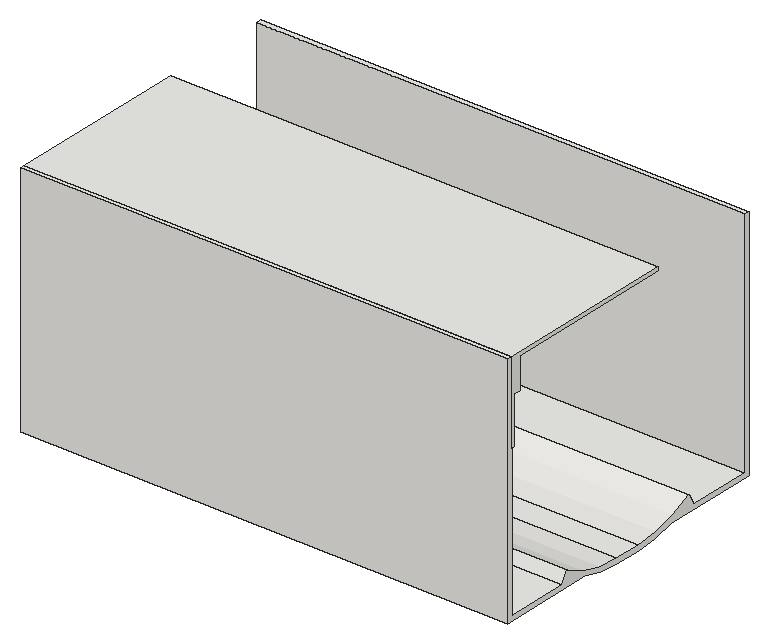
Revit family "Xtech_DécorSystems_CeilingRecess4", category Generic Models, Revit 2014 (continued)
Definition of nested family "Xtech_DécorSystems_VerticalDrylining"
  Forms (mm)
    Sweep 1, solid, material "Xtech_DécorSystems_AluminiumAlloy_White_RAL9016" <- "BodyMaterial", detail levels medium+fine
      path origin (-1000, 0, 0) x (1, 0, 0) y (0, 1, 0)
        loop
          line (1000, 0) -> (5000, 0)
      profile origin (2000, 0, 0) x (0, 1, 0) y (0, 0, 1)
        loop
          line (-19, 26.5) -> (-22, 26.5) -> (-22, 0) -> (0, 0) -> (0, 35.7) -> (-1.35, 35.7) -> (-1.35, 14.4) -> (-4.25, 14.4) -> (-4.25, 1.5) -> (-19, 1.5) -> (-19, 26.5)
    Extrusion 2, solid, material "Xtech_DécorSystems_AluminiumAlloy_White_RAL9016" <- "BodyMaterial", detail levels coarse
      sketch origin (0, 0, 0) x (0, 1, 0) y (0, 0, 1)
        loop
          line (-4.25, 26.517) -> (-22, 26.517) -> (-22, 0) -> (-2.8, 0) -> (-2.8, 35.7) -> (-4.25, 35.7) -> (-4.25, 26.517)
      from 0 to 4000
    Extrusion 3, void
      sketch origin (0, 0, 0) x (1, 0, 0) y (0, 1, 0)
        loop
          line (-50, 126.3) -> (-50, -22) -> (85.621, -22) -> (0, 126.3) -> (-50, 126.3)
      from 0 to 250
    Extrusion 4, void
      sketch origin (0, 0, 0) x (1, 0, 0) y (0, 1, 0)
        loop
          line (4000, 126.3) -> (3930.847, -22) -> (4050, -22) -> (4050, 126.3) -> (4000, 126.3)
      from 0 to 250
  Cuts and joins
    Extrusion 3, Extrusion 4 cuts Sweep 1
    Extrusion 3, Extrusion 4 cuts Extrusion 2
  Lines and regions (mm)
    Masking region 1, detail levels medium+fine
      outline origin (0, 0, 0) x (0, 1, 0) y (0, 0, 1)
        loop
          line (-19, 26.517) -> (-20.5, 26.517) -> (-20.5, 1.5) -> (-22, 1.5) -> (-22, 0) -> (0, 0) -> (0, 1.5) -> (-2.75, 1.5) -> (-2.75, 12.9) -> (-1.35, 12.9) -> (-1.35, 8.4) -> (-0.35, 8.4) -> (-0.35, 35.7) -> (-1.35, 35.7) -> (-1.35, 14.4) -> (-4.25, 14.4) -> (-4.25, 1.5) -> (-19, 1.5) -> (-19, 26.517)
    Masking region 2
      outline origin (0, 0, 0) x (1, 0, 0) y (0, 1, 0)
        loop
          line (72.919, 0) -> (85.621, -22) -> (3930.847, -22) -> (3941.105, 0) -> (72.919, 0)
    Masking region 3, detail levels coarse
      outline origin (0, 0, 0) x (0, 1, 0) y (0, 0, 1)
        loop
          line (-22, 26.517) -> (-22, 0) -> (-2.8, 0) -> (-2.8, 35.7) -> (-4.25, 35.7) -> (-4.25, 26.517) -> (-22, 26.517)
    reference lines
      curve 1: line (0, 126.3, 0) -> (227.5, -267.742, 0)
      curve 2: line (4000, 126.3, 0) -> (3856.31, -181.845, 0)
  Dimensions and locks
    "Length": plane 3 "Center (Left/Right)" to plane 4
    "Width": plane 1 "Center (Front/Back)" to plane 6
    "Height": plane 5 to plane 2
    locked: plane 7 to plane 3 "Center (Left/Right)" at 50
    locked: plane 4 to plane 8 at 50
    locked: plane 1 "Center (Front/Back)" to plane 9 at 126.3
    "LeftVoidAngle": angle plane 3 "Center (Left/Right)" to curve 1
    "RightVoidAngle": angle curve 2 to plane 4
    aligned and locked: level to plane 2
    aligned and locked: plane 1 "Center (Front/Back)" to Sweep 1 sketch curve
    aligned and locked: Sweep 1 sketch curve to plane 6
    aligned and locked: Sweep 1 sketch curve to profile plane
    aligned and locked: Sweep 1 sketch curve to plane 5
    aligned and locked: plane 4 to Extrusion 2
    aligned and locked: plane 4 to Sweep 1
    aligned and locked: plane 3 "Center (Left/Right)" to Sweep 1 sketch curve
    aligned and locked: Masking region 2 sketch curve to plane 6
    aligned and locked: plane 1 "Center (Front/Back)" to Masking region 2 sketch curve
    aligned and locked: Masking region 3 sketch curve to Extrusion 2  (x6)
    aligned and locked: curve 1 to Masking region 2 sketch curve
    aligned and locked: Extrusion 3 sketch curve to plane 7
    aligned and locked: Extrusion 3 sketch curve to plane 9
    aligned and locked: Extrusion 3 sketch curve to curve 1
    aligned and locked: Extrusion 3 sketch curve to plane 6
    aligned and locked: curve 2 to Masking region 2 sketch curve
    aligned and locked: Extrusion 4 sketch curve to curve 2
    aligned and locked: plane 9 to Extrusion 4 sketch curve
    aligned and locked: Extrusion 4 sketch curve to plane 8
    aligned and locked: plane 6 to Extrusion 4 sketch curve
  Automatic sketch dimensions
    Sweep 1 sketch curve to level = 0 mm
    Sweep 1 sketch curve to Sweep 1 sketch curve = 3 mm
    level to Sweep 1 sketch curve = 1.5 mm
    profile plane to Sweep 1 sketch curve = 1.35 mm
    Sweep 1 sketch curve to Sweep 1 sketch curve = 12.1 mm
    Masking region 1 sketch curve to plane 6 = 0 mm
    Masking region 1 sketch curve to plane 5 = 0 mm
    Masking region 1 sketch curve to plane 1 "Center (Front/Back)" = 0 mm
    Masking region 1 sketch curve to level = 0 mm
    Masking region 1 sketch curve to Masking region 1 sketch curve = 1.5 mm  (x4)
    level to Masking region 1 sketch curve = 1.5 mm  (x3)
    plane 1 "Center (Front/Back)" to Masking region 1 sketch curve = 4.25 mm
    plane 1 "Center (Front/Back)" to Masking region 1 sketch curve = 1.35 mm  (x2)
    plane 1 "Center (Front/Back)" to Masking region 1 sketch curve = 0.35 mm
    Masking region 1 sketch curve to Masking region 1 sketch curve = 6.9 mm
    Masking region 1 sketch curve to Masking region 1 sketch curve = 4.5 mm
    Masking region 1 sketch curve to plane 5 = 9.183 mm
    Extrusion 2 sketch curve to level = 0 mm
    plane 1 "Center (Front/Back)" to Extrusion 2 sketch curve = 4.25 mm
    Extrusion 2 sketch curve to plane 5 = 9.183 mm
    Extrusion 2 sketch curve to plane 6 = 0 mm
    plane 1 "Center (Front/Back)" to Extrusion 2 sketch curve = 2.8 mm
    Extrusion 2 sketch curve to plane 5 = 0 mm
    Sweep 1 sketch curve to plane 4 = 0 mm
    Sweep 1 sketch curve to Sweep 1 sketch curve = 2.9 mm
    Sweep 1 sketch curve to Sweep 1 sketch curve = 12.9 mm
    curve 1 to plane 3 "Center (Left/Right)" = 0 mm
    curve 2 to plane 4 = 0 mm
    plane 9 to curve 2 = 0 mm
    curve 1 to plane 9 = 0 mm
Definition of nested family "Xtech_DécorSystems_CurtainTrackAssembly"
  Parameters (values of type "CU")
    RightVoidAngle [instance] = 17.00°
    Length [instance] = 900 mm
    WarrantyStartDate [instance] = "1900-12-31T23:59:59"
    WarrantyGuarantorParts = "n/a"
    WarrantyGuarantorLabor = "n/a"
    WarrantyDurationUnit = "year"
    WarrantyDurationParts = "n/a"
    WarrantyDurationLabor = "n/a"
    WarrantyDescription = "n/a"
    Version = "1"
    VD [instance] = yes
    Uniclass2 = ""
    TagNumber [instance] = "n/a"
    SustainabilityPerformance = "n/a"
    Size = "n/a"
    Shape = "n/a"
    SerialNumber [instance] = "n/a"
    Revision = "n/a"
    ReplacementCost = "n/a"
    ProductInformation = ""
    PT [instance] = yes
    NominalWidth = 0 mm
    NominalLength = 2080 mm
    NominalHeight = 0 mm
    Name = ""
    NBSTypeID = ""
    NBSReference = ""
    NBSOfficeMasterTag = ""
    NBSNote = ""
    NBSDescription = ""
    NBSCertification = ""
    ModelReference = "n/a"
    ModelNumber = "n/a"
    Material = "n/a"
    ManufacturerURL = ""
    ManufacturerName = ""
    LeftVoidAngle [instance] = 25.00°
    InstallationDate [instance] = "1900-12-31T23:59:59"
    IfcExportType = ""
    IfcExportAs = ""
    HD [instance] = yes
    Grade = "n/a"
    Finish = "n/a"
    Features = "n/a"
    ExpectedLife = "n/a"
    DurationUnit = "year"
    Description = "NBS standard template for generic face-based components"
    Default Elevation = 1219.2 mm
    Constituents = "n/a"
    Color = "n/a"
    CodePerformance = "n/a"
    Category = "n/a"
    BodyMaterial = Xtech_DécorSystems_AluminiumAlloy_White_RAL9016
    BarCode [instance] = "n/a"
    BIMObjectName = "Role_Source_Type_GenericFaceBased"
    Author = ""
    AssetType = "Fixed"
    AssetIdentifier [instance] = "n/a"
    AccessibilityPerformance = "n/a"
  Reference planes
    plane 1 "Center (Front/Back)": y = 0
    plane 2: z = 0
    plane 3 "Center (Left/Right)": x = 0
    plane 4: x = 0
    plane 5: x = 900
    plane 6: y = -60
    plane 7: y = -62.75
    plane 8: y = 126.3
    plane 9: x = -50
  Forms (mm)
    Extrusion 1, solid
      sketch origin (0, 0, 0) x (1, 0, 0) y (0, 1, 0)
        loop
          line (-1219.2, 1219.2) -> (-1219.2, -1219.2) -> (1219.2, -1219.2) -> (1219.2, 1219.2) -> (-1219.2, 1219.2)
      from 0 to -304.8
  Dimensions and locks
    "Length": plane 4 to plane 5
    locked: plane 1 "Center (Front/Back)" to plane 8 at 126.3
    locked: plane 9 to plane 4 at 50
    plane 8 to plane 6 = 186.3 mm
    aligned and locked: plane 2 to Extrusion 1
    aligned and locked: level to Extrusion 1
    aligned and locked: plane 4 to nested 1
    aligned and locked: plane 1 "Center (Front/Back)" to nested 1
    aligned and locked: nested 2 to plane 4
    aligned and locked: nested 2 to nested 1
    aligned and locked: nested 3 to plane 4
    aligned and locked: nested 3 to nested 1
    aligned and locked: nested 4 to plane 4
    aligned and locked: nested 4 to nested 1
    aligned and locked: plane 3 "Center (Left/Right)" to plane 4
    aligned and locked: plane 5 to nested 1
    aligned and locked: nested 4 to plane 5
    aligned and locked: plane 5 to nested 3
    aligned and locked: plane 5 to nested 2
    aligned and locked: nested 1 to plane 3 "Center (Left/Right)"
    aligned and locked: nested 4 to plane 3 "Center (Left/Right)"
    aligned and locked: nested 3 to plane 3 "Center (Left/Right)"
    aligned and locked: nested 2 to plane 3 "Center (Left/Right)"
  Automatic sketch dimensions
    Extrusion 1 sketch curve to Extrusion 1 sketch curve = 2438.4 mm  (x2)
  Nested families
    nested 1: "Xtech_DécorSystems_CurtainTrack" at (0, 0, 0) x (1, 0, 0) z (0, 0, -1), Length <- "Length", RightVoidAngle <- "RightVoidAngle", LeftVoidAngle <- "LeftVoidAngle", type "CU"
      with WarrantyStartDate "1900-12-31T23:59:59", TagNumber "n/a", SerialNumber "n/a", Length 900 mm, InstallationDate "1900-12-31T23:59:59", BarCode "n/a", AssetIdentifier "n/a"
    nested 2: "Xtech_DécorSystems_VerticalDrylining" at (0, -60, 0) x (1, 0, 0) z (0, 0, -1), visible <- "VD", Length <- "Length", RightVoidAngle <- "RightVoidAngle", LeftVoidAngle <- "LeftVoidAngle", type "VD"
      with WarrantyStartDate "1900-12-31T23:59:59", TagNumber "n/a", SerialNumber "n/a", RightVoidAngle 17.00°, Length 900 mm, LeftVoidAngle 25.00°, InstallationDate "1900-12-31T23:59:59", BarCode "n/a", AssetIdentifier "n/a"
    nested 3: "Xtech_DécorSystems_HorizontalDrylining" at (0, -60, 0) x (1, 0, 0) z (0, 0, -1), visible <- "HD", Length <- "Length", RightVoidAngle <- "RightVoidAngle", LeftVoidAngle <- "LeftVoidAngle", type "HD"
      with WarrantyStartDate "1900-12-31T23:59:59", TagNumber "n/a", SerialNumber "n/a", RightVoidAngle 17.00°, Length 900 mm, LeftVoidAngle 25.00°, InstallationDate "1900-12-31T23:59:59", BarCode "n/a", AssetIdentifier "n/a"
    nested 4: "Xtech_DécorSystems_Plain" at (0, -60, 0) x (1, 0, 0) z (0, 0, -1), visible <- "PT", Length <- "Length", RightVoidAngle <- "RightVoidAngle", LeftVoidAngle <- "LeftVoidAngle", type "PT"
      with WarrantyStartDate "1900-12-31T23:59:59", TagNumber "n/a", SerialNumber "n/a", RightVoidAngle 17.00°, Length 900 mm, LeftVoidAngle 25.00°, InstallationDate "1900-12-31T23:59:59", BarCode "n/a", AssetIdentifier "n/a"
  Definition of nested family "Xtech_DécorSystems_CurtainTrack"
    Parameters (values of type "CU")
      Width = 60 mm  # constant formula
      WarrantyStartDate [instance] = "1900-12-31T23:59:59"
      WarrantyGuarantorParts = "n/a"
      WarrantyGuarantorLabor = "n/a"
      WarrantyDurationUnit = "year"
      WarrantyDurationParts = "n/a"
      WarrantyDurationLabor = "n/a"
      WarrantyDescription = "n/a"
      Version = "1"
      Uniclass2 = ""
      TagNumber [instance] = "n/a"
      SustainabilityPerformance = "n/a"
      Size = "n/a"
      Shape = "n/a"
      SerialNumber [instance] = "n/a"
      RightVoidAngle [instance] = 17.00°
      Revision = "n/a"
      ReplacementCost = "n/a"
      ProductInformation = ""
      NominalWidth = 0 mm
      NominalLength = 0 mm
      NominalHeight = 0 mm
      Name = ""
      NBSTypeID = ""
      NBSReference = ""
      NBSOfficeMasterTag = ""
      NBSNote = ""
      NBSDescription = ""
      NBSCertification = ""
      ModelReference = "n/a"
      ModelNumber = "n/a"
      Material = "n/a"
      ManufacturerURL = ""
      ManufacturerName = ""
      Length [instance] = 4000 mm
      LeftVoidAngle [instance] = 25.00°
      InstallationDate [instance] = "1900-12-31T23:59:59"
      IfcExportType = ""
      IfcExportAs = ""
      Height = 44 mm  # constant formula
      Grade = "n/a"
      Finish = "n/a"
      Features = "n/a"
      ExpectedLife = "n/a"
      DurationUnit = "year"
      Description = "NBS standard template"
      Constituents = "n/a"
      Color = "n/a"
      CodePerformance = "n/a"
      Category = "n/a"
      BodyMaterial = Xtech_DécorSystems_AluminiumAlloy_White_RAL9016
      BarCode [instance] = "n/a"
      BIMObjectName = "Role_Source_Type_Generic"
      Author = ""
      AssetType = ""
      AssetIdentifier [instance] = "n/a"
      AccessibilityPerformance = "n/a"
    Reference planes
      plane 1 "Center (Front/Back)": y = 0
      plane 2: z = 0
      plane 3 "Center (Left/Right)": x = 0
      plane 4: z = 44
      plane 5: x = 4000
      plane 6: y = -60
      plane 7: y = -62.75
      plane 8: y = 126.3
      plane 9: x = -50
      plane 10: x = 4050
    Forms (mm)
      Sweep 1, solid, material "Xtech_DécorSystems_AluminiumAlloy_White_RAL9016" <- "BodyMaterial", detail levels medium+fine
        path origin (0, 0, 0) x (1, 0, 0) y (0, 1, 0)
          loop
            line (0, 0) -> (4000, 0)
        profile origin (2000, 0, 0) x (0, 1, 0) y (0, 0, 1)
          loop
            line (-4.638, 39.089) -> (-58.363, 39.089) -> (-58.363, 1.637) -> (-41.312, 1.637) -> (-41.312, 19.643) -> (-21.668, 19.643) -> (-21.668, 1.637) -> (-4.638, 1.637) -> (-4.638, 15.715) -> (-1.582, 15.715) -> (-1.582, 29.377) -> (-4.638, 29.377) -> (-4.638, 39.089)
          loop
            line (-58.363, 40.726) -> (-58.363, 44) -> (-60, 44) -> (-60, 0) -> (-35.2, 0) -> (-35.2, 1.31) -> (-39.675, 1.31) -> (-39.675, 18.006) -> (-23.305, 18.006) -> (-23.305, 1.31) -> (-27.779, 1.31) -> (-27.779, 0) -> (0, 0) -> (0, 44) -> (-4.638, 44) -> (-4.638, 40.726) -> (-58.363, 40.726)
      Extrusion 2, solid, material "Xtech_DécorSystems_AluminiumAlloy_White_RAL9016" <- "BodyMaterial", detail levels coarse
        sketch origin (0, 0, 0) x (0, 1, 0) y (0, 0, 1)
          loop
            line (-58.363, 40.726) -> (-58.363, 44) -> (-62.75, 44) -> (-62.75, 0) -> (-35.2, 0) -> (-35.2, 1.31) -> (-39.675, 1.31) -> (-39.675, 18.006) -> (-23.305, 18.006) -> (-23.305, 1.31) -> (-27.779, 1.31) -> (-27.779, 0) -> (-2.8, 0) -> (-2.8, 44) -> (-4.638, 44) -> (-4.638, 40.726) -> (-58.363, 40.726)
        from 0 to 4000
      Extrusion 3, void
        sketch origin (0, 0, 0) x (1, 0, 0) y (0, 1, 0)
          loop
            line (-50, 126.3) -> (-50, -62.75) -> (88.155, -62.75) -> (0, 126.3) -> (-50, 126.3)
        from 0 to 250
      Extrusion 4, void
        sketch origin (0, 0, 0) x (1, 0, 0) y (0, 1, 0)
          loop
            line (4000, 126.3) -> (3942.202, -62.75) -> (4050, -62.75) -> (4050, 126.3) -> (4000, 126.3)
        from 0 to 250
    Cuts and joins
      Extrusion 3, Extrusion 4 cuts Sweep 1
      Extrusion 3, Extrusion 4 cuts Extrusion 2
    Lines and regions (mm)
      Masking region 1, detail levels medium+fine
        outline origin (0, 0, 0) x (0, 1, 0) y (0, 0, 1)
          loop
            line (-4.638, 39.089) -> (-58.363, 39.089) -> (-58.363, 1.637) -> (-41.312, 1.637) -> (-41.312, 19.643) -> (-21.668, 19.643) -> (-21.668, 1.637) -> (-4.638, 1.637) -> (-4.638, 15.715) -> (-1.582, 15.715) -> (-1.582, 29.377) -> (-4.638, 29.377) -> (-4.638, 39.089)
          loop
            line (-58.363, 40.726) -> (-58.363, 44) -> (-60, 44) -> (-60, 37.883) -> (-62.75, 37.883) -> (-62.75, 33.883) -> (-61.75, 33.883) -> (-61.75, 35.883) -> (-60, 35.883) -> (-60, 8.2) -> (-61.75, 8.2) -> (-61.75, 10.2) -> (-62.75, 10.2) -> (-62.75, 6.2) -> (-60, 6.2) -> (-60, 0) -> (-35.2, 0) -> (-35.2, 1.31) -> (-39.675, 1.31) -> (-39.675, 18.006) -> (-23.305, 18.006) -> (-23.305, 1.31) -> (-27.779, 1.31) -> (-27.779, 0) -> (0, 0) -> (0, 1.637) -> (-3.001, 1.637) -> (-3.001, 14.078) -> (-1.582, 14.078) -> (-1.582, 9.167) -> (-0.491, 9.167) -> (-0.491, 34.833) -> (-1.582, 34.833) -> (-1.582, 31.014) -> (-3.001, 31.014) -> (-3.001, 42.363) -> (0, 42.363) -> (0, 44) -> (-4.638, 44) -> (-4.638, 40.726) -> (-58.363, 40.726)
      Masking region 2, detail levels coarse
        outline origin (0, 0, 0) x (0, 1, 0) y (0, 0, 1)
          loop
            line (-2.8, 0) -> (-2.8, 44) -> (-62.75, 44) -> (-62.75, 0) -> (-2.8, 0)
      Masking region 3
        outline origin (0, 0, 0) x (1, 0, 0) y (0, 1, 0)
          loop
            line (86.873, -60) -> (3943.042, -60) -> (3961.386, 0) -> (58.895, 0) -> (86.873, -60)
      reference lines
        curve 1: line (4000, 126.3, 0) -> (3858.2, -337.508, 0)
        curve 2: line (0, 126.3, 0) -> (181.726, -263.412, 0)
    Dimensions and locks
      "Length": plane 3 "Center (Left/Right)" to plane 5
      "Height": plane 4 to plane 2
      "Width": plane 1 "Center (Front/Back)" to plane 6
      locked: plane 8 to plane 1 "Center (Front/Back)" at 126.3
      locked: plane 9 to plane 3 "Center (Left/Right)" at 50
      plane 5 to plane 10 = 50 mm
      "RightVoidAngle": angle curve 1 to plane 5
      "LeftVoidAngle": angle plane 3 "Center (Left/Right)" to curve 2
      aligned and locked: level to plane 2
      aligned and locked: plane 5 to Sweep 1 sketch curve
      aligned and locked: plane 3 "Center (Left/Right)" to Sweep 1 sketch curve
      aligned and locked: plane 4 to Sweep 1 sketch curve
      aligned and locked: Sweep 1 sketch curve to profile plane  (x2)
      aligned and locked: profile plane to Sweep 1 sketch curve
      aligned and locked: plane 5 to Extrusion 2
      aligned and locked: Masking region 3 sketch curve to plane 1 "Center (Front/Back)"
      aligned and locked: Masking region 3 sketch curve to plane 6
      aligned and locked: Extrusion 2 sketch curve to Masking region 2
      aligned and locked: curve 2 to Masking region 3 sketch curve
      aligned and locked: Extrusion 3 sketch curve to plane 9
      aligned and locked: Extrusion 3 sketch curve to plane 8
      aligned and locked: Extrusion 3 sketch curve to curve 2
      aligned and locked: Extrusion 3 sketch curve to plane 7
      aligned and locked: Extrusion 4 sketch curve to curve 1
      aligned and locked: Extrusion 4 sketch curve to plane 8
      aligned and locked: Extrusion 4 sketch curve to plane 10
      aligned and locked: Extrusion 4 sketch curve to plane 7
      aligned and locked: Masking region 3 sketch curve to curve 1
    Automatic sketch dimensions
      plane 1 "Center (Front/Back)" to Sweep 1 sketch curve = 0 mm
      plane 1 "Center (Front/Back)" to Masking region 2 sketch curve = 2.8 mm
      Masking region 2 sketch curve to plane 4 = 0 mm
      Extrusion 2 sketch curve to level = 0 mm  (x2)
      Extrusion 2 sketch curve to plane 4 = 0 mm  (x2)
      plane 1 "Center (Front/Back)" to Extrusion 2 sketch curve = 2.8 mm
      plane 6 to Extrusion 2 sketch curve = 1.637 mm
      level to Extrusion 2 sketch curve = 1.31 mm  (x2)
      plane 6 to Extrusion 2 sketch curve = 20.325 mm
      Extrusion 2 sketch curve to Extrusion 2 sketch curve = 4.474 mm
      Extrusion 2 sketch curve to Extrusion 2 sketch curve = 7.421 mm
      Extrusion 2 sketch curve to Extrusion 2 sketch curve = 16.369 mm
      plane 1 "Center (Front/Back)" to Extrusion 2 sketch curve = 4.638 mm
      Extrusion 2 sketch curve to Extrusion 2 sketch curve = 16.697 mm
      Extrusion 2 sketch curve to plane 4 = 3.274 mm
      Masking region 1 sketch curve to plane 4 = 0 mm  (x2)
      Masking region 1 sketch curve to level = 0 mm  (x2)
      Masking region 1 sketch curve to plane 1 "Center (Front/Back)" = 0 mm  (x2)
      Masking region 1 sketch curve to Masking region 1 sketch curve = 0 mm  (x3)
      Masking region 1 sketch curve to Masking region 1 sketch curve = 1.75 mm  (x2)
      Masking region 1 sketch curve to Masking region 1 sketch curve = 1 mm  (x2)
      plane 6 to Masking region 1 sketch curve = 1.637 mm  (x2)
      plane 6 to Masking region 1 sketch curve = 18.688 mm
      Masking region 1 sketch curve to Masking region 1 sketch curve = 1.637 mm  (x9)
      level to Masking region 1 sketch curve = 1.31 mm  (x2)
      Masking region 1 sketch curve to Masking region 1 sketch curve = 4.474 mm  (x2)
      Masking region 1 sketch curve to Masking region 1 sketch curve = 7.421 mm
      plane 1 "Center (Front/Back)" to Masking region 1 sketch curve = 4.638 mm  (x2)
      Masking region 1 sketch curve to Masking region 1 sketch curve = 1.419 mm
      plane 1 "Center (Front/Back)" to Masking region 1 sketch curve = 1.582 mm  (x2)
      plane 1 "Center (Front/Back)" to Masking region 1 sketch curve = 0.491 mm
      level to Masking region 1 sketch curve = 1.637 mm  (x2)
      level to Masking region 1 sketch curve = 6.2 mm
      Masking region 1 sketch curve to Masking region 1 sketch curve = 2 mm  (x3)
      Masking region 1 sketch curve to Masking region 1 sketch curve = 7.53 mm
      Masking region 1 sketch curve to Masking region 1 sketch curve = 4.911 mm
      Masking region 1 sketch curve to Masking region 1 sketch curve = 16.369 mm
      Masking region 1 sketch curve to Masking region 1 sketch curve = 13.662 mm
      Masking region 1 sketch curve to Masking region 1 sketch curve = 3.82 mm
      Masking region 1 sketch curve to plane 4 = 4.911 mm
      Masking region 1 sketch curve to plane 6 = 0 mm  (x2)
      Masking region 1 sketch curve to Masking region 1 sketch curve = 1.206 mm
      Masking region 1 sketch curve to Masking region 1 sketch curve = 4 mm
      profile plane to Sweep 1 sketch curve = 1.582 mm
      level to Sweep 1 sketch curve = 1.637 mm  (x2)
      Sweep 1 sketch curve to Sweep 1 sketch curve = 17.03 mm  (x2)
      Sweep 1 sketch curve to Sweep 1 sketch curve = 1.637 mm  (x5)
      level to Sweep 1 sketch curve = 1.31 mm  (x2)
      Sweep 1 sketch curve to Sweep 1 sketch curve = 4.474 mm
      Sweep 1 sketch curve to Sweep 1 sketch curve = 7.421 mm
      Sweep 1 sketch curve to Sweep 1 sketch curve = 16.369 mm  (x2)
      Sweep 1 sketch curve to Sweep 1 sketch curve = 17.051 mm
      Sweep 1 sketch curve to Sweep 1 sketch curve = 13.662 mm
      Sweep 1 sketch curve to Sweep 1 sketch curve = 4.911 mm
      Sweep 1 sketch curve to Sweep 1 sketch curve = 3.274 mm
      Sweep 1 sketch curve to Sweep 1 sketch curve = 0 mm
      profile plane to Sweep 1 sketch curve = 4.638 mm
      Sweep 1 sketch curve to Sweep 1 sketch curve = 4.638 mm
      Sweep 1 sketch curve to Sweep 1 sketch curve = 14.078 mm
      Masking region 2 sketch curve to plane 7 = 0 mm
      Masking region 2 sketch curve to level = 0 mm
      curve 2 to plane 3 "Center (Left/Right)" = 0 mm
      curve 1 to plane 5 = 0 mm
      plane 8 to curve 2 = 0 mm
      plane 8 to curve 1 = 0 mm
  Definition of nested family "Xtech_DécorSystems_VerticalDrylining"
    Parameters (values of type "VD")
      Width = 22 mm  # constant formula
      WarrantyStartDate [instance] = "1900-12-31T23:59:59"
      WarrantyGuarantorParts = "n/a"
      WarrantyGuarantorLabor = "n/a"
      WarrantyDurationUnit = "year"
      WarrantyDurationParts = "n/a"
      WarrantyDurationLabor = "n/a"
      WarrantyDescription = "n/a"
      Version = "1"
      Uniclass2 = ""
      TagNumber [instance] = "n/a"
      SustainabilityPerformance = "n/a"
      Size = "n/a"
      Shape = "n/a"
      SerialNumber [instance] = "n/a"
      RightVoidAngle [instance] = 25.00°
      Revision = "n/a"
      ReplacementCost = "n/a"
      ProductInformation = ""
      NominalWidth = 0 mm
      NominalLength = 0 mm
      NominalHeight = 0 mm
      Name = ""
      NBSTypeID = ""
      NBSReference = ""
      NBSOfficeMasterTag = ""
      NBSNote = ""
      NBSDescription = ""
      NBSCertification = ""
      ModelReference = "n/a"
      ModelNumber = "n/a"
      Material = "n/a"
      ManufacturerURL = ""
      ManufacturerName = ""
      Length [instance] = 4000 mm
      LeftVoidAngle [instance] = 30.00°
      InstallationDate [instance] = "1900-12-31T23:59:59"
      IfcExportType = ""
      IfcExportAs = ""
      Height = 35.7 mm  # constant formula
      Grade = "n/a"
      Finish = "n/a"
      Features = "n/a"
      ExpectedLife = "n/a"
      DurationUnit = "year"
      Description = "NBS standard template"
      Constituents = "n/a"
      Color = "n/a"
      CodePerformance = "n/a"
      Category = "n/a"
      BodyMaterial = Xtech_DécorSystems_AluminiumAlloy_White_RAL9016
      BarCode [instance] = "n/a"
      BIMObjectName = "Role_Source_Type_Generic"
      Author = ""
      AssetType = ""
      AssetIdentifier [instance] = "n/a"
      AccessibilityPerformance = "n/a"
    Reference planes
      plane 1 "Center (Front/Back)": y = 0
      plane 2: z = 0
      plane 3 "Center (Left/Right)": x = 0
      plane 4: x = 4000
      plane 5: z = 35.7
      plane 6: y = -22
      plane 7: x = -50
      plane 8: x = 4050
      plane 9: y = 186.3
    Forms (mm)
      Sweep 1, solid, material "Xtech_DécorSystems_AluminiumAlloy_White_RAL9016" <- "BodyMaterial", detail levels medium+fine
        path origin (-1000, 0, 0) x (1, 0, 0) y (0, 1, 0)
          loop
            line (1000, 0) -> (5000, 0)
        profile origin (2000, 0, 0) x (0, 1, 0) y (0, 0, 1)
          loop
            line (-19, 26.5) -> (-22, 26.5) -> (-22, 0) -> (0, 0) -> (0, 35.7) -> (-1.35, 35.7) -> (-1.35, 14.4) -> (-4.25, 14.4) -> (-4.25, 1.5) -> (-19, 1.5) -> (-19, 26.5)
      Extrusion 2, solid, material "Xtech_DécorSystems_AluminiumAlloy_White_RAL9016" <- "BodyMaterial", detail levels coarse
        sketch origin (0, 0, 0) x (0, 1, 0) y (0, 0, 1)
          loop
            line (-4.25, 26.517) -> (-22, 26.517) -> (-22, 0) -> (-2.8, 0) -> (-2.8, 35.7) -> (-4.25, 35.7) -> (-4.25, 26.517)
        from 0 to 4000
      Extrusion 3, void
        sketch origin (0, 0, 0) x (1, 0, 0) y (0, 1, 0)
          loop
            line (-50, 186.3) -> (-50, -22) -> (120.262, -22) -> (0, 186.3) -> (-50, 186.3)
        from 0 to 250
      Extrusion 4, void
        sketch origin (0, 0, 0) x (1, 0, 0) y (0, 1, 0)
          loop
            line (4000, 186.3) -> (3902.868, -22) -> (4050, -22) -> (4050, 186.3) -> (4000, 186.3)
        from 0 to 250
    Cuts and joins
      Extrusion 3, Extrusion 4 cuts Sweep 1
      Extrusion 3, Extrusion 4 cuts Extrusion 2
    Lines and regions (mm)
      Masking region 1, detail levels medium+fine
        outline origin (0, 0, 0) x (0, 1, 0) y (0, 0, 1)
          loop
            line (-19, 26.517) -> (-20.5, 26.517) -> (-20.5, 1.5) -> (-22, 1.5) -> (-22, 0) -> (0, 0) -> (0, 1.5) -> (-2.75, 1.5) -> (-2.75, 12.9) -> (-1.35, 12.9) -> (-1.35, 8.4) -> (-0.35, 8.4) -> (-0.35, 35.7) -> (-1.35, 35.7) -> (-1.35, 14.4) -> (-4.25, 14.4) -> (-4.25, 1.5) -> (-19, 1.5) -> (-19, 26.517)
      Masking region 2
        outline origin (0, 0, 0) x (1, 0, 0) y (0, 1, 0)
          loop
            line (107.56, 0) -> (120.262, -22) -> (3902.868, -22) -> (3913.127, 0) -> (107.56, 0)
      Masking region 3, detail levels coarse
        outline origin (0, 0, 0) x (0, 1, 0) y (0, 0, 1)
          loop
            line (-22, 26.517) -> (-22, 0) -> (-2.8, 0) -> (-2.8, 35.7) -> (-4.25, 35.7) -> (-4.25, 26.517) -> (-22, 26.517)
      reference lines
        curve 1: line (0, 186.3, 0) -> (227.5, -207.742, 0)
        curve 2: line (4000, 186.3, 0) -> (3856.31, -121.845, 0)
    Dimensions and locks
      "Length": plane 3 "Center (Left/Right)" to plane 4
      "Width": plane 1 "Center (Front/Back)" to plane 6
      "Height": plane 5 to plane 2
      locked: plane 7 to plane 3 "Center (Left/Right)" at 50
      locked: plane 4 to plane 8 at 50
      locked: plane 1 "Center (Front/Back)" to plane 9 at 186.3
      "LeftVoidAngle": angle plane 3 "Center (Left/Right)" to curve 1
      "RightVoidAngle": angle curve 2 to plane 4
      aligned and locked: level to plane 2
      aligned and locked: plane 1 "Center (Front/Back)" to Sweep 1 sketch curve
      aligned and locked: Sweep 1 sketch curve to plane 6
      aligned and locked: Sweep 1 sketch curve to profile plane
      aligned and locked: Sweep 1 sketch curve to plane 5
      aligned and locked: plane 4 to Extrusion 2
      aligned and locked: plane 4 to Sweep 1
      aligned and locked: plane 3 "Center (Left/Right)" to Sweep 1 sketch curve
      aligned and locked: Masking region 2 sketch curve to plane 6
      aligned and locked: plane 1 "Center (Front/Back)" to Masking region 2 sketch curve
      aligned and locked: Masking region 3 sketch curve to Extrusion 2  (x6)
      aligned and locked: curve 1 to Masking region 2 sketch curve
      aligned and locked: Extrusion 3 sketch curve to plane 7
      aligned and locked: Extrusion 3 sketch curve to plane 9
      aligned and locked: Extrusion 3 sketch curve to curve 1
      aligned and locked: Extrusion 3 sketch curve to plane 6
      aligned and locked: curve 2 to Masking region 2 sketch curve
      aligned and locked: Extrusion 4 sketch curve to curve 2
      aligned and locked: plane 9 to Extrusion 4 sketch curve
      aligned and locked: Extrusion 4 sketch curve to plane 8
      aligned and locked: plane 6 to Extrusion 4 sketch curve
    Automatic sketch dimensions
      Sweep 1 sketch curve to level = 0 mm
      Sweep 1 sketch curve to Sweep 1 sketch curve = 3 mm
      level to Sweep 1 sketch curve = 1.5 mm
      profile plane to Sweep 1 sketch curve = 1.35 mm
      Sweep 1 sketch curve to Sweep 1 sketch curve = 12.1 mm
      Masking region 1 sketch curve to plane 6 = 0 mm
      Masking region 1 sketch curve to plane 5 = 0 mm
      Masking region 1 sketch curve to plane 1 "Center (Front/Back)" = 0 mm
      Masking region 1 sketch curve to level = 0 mm
      Masking region 1 sketch curve to Masking region 1 sketch curve = 1.5 mm  (x4)
      level to Masking region 1 sketch curve = 1.5 mm  (x3)
      plane 1 "Center (Front/Back)" to Masking region 1 sketch curve = 4.25 mm
      plane 1 "Center (Front/Back)" to Masking region 1 sketch curve = 1.35 mm  (x2)
      plane 1 "Center (Front/Back)" to Masking region 1 sketch curve = 0.35 mm
      Masking region 1 sketch curve to Masking region 1 sketch curve = 6.9 mm
      Masking region 1 sketch curve to Masking region 1 sketch curve = 4.5 mm
      Masking region 1 sketch curve to plane 5 = 9.183 mm
      Extrusion 2 sketch curve to level = 0 mm
      plane 1 "Center (Front/Back)" to Extrusion 2 sketch curve = 4.25 mm
      Extrusion 2 sketch curve to plane 5 = 9.183 mm
      Extrusion 2 sketch curve to plane 6 = 0 mm
      plane 1 "Center (Front/Back)" to Extrusion 2 sketch curve = 2.8 mm
      Extrusion 2 sketch curve to plane 5 = 0 mm
      Sweep 1 sketch curve to plane 4 = 0 mm
      Sweep 1 sketch curve to Sweep 1 sketch curve = 2.9 mm
      Sweep 1 sketch curve to Sweep 1 sketch curve = 12.9 mm
      curve 1 to plane 3 "Center (Left/Right)" = 0 mm
      curve 2 to plane 4 = 0 mm
      plane 9 to curve 2 = 0 mm
      curve 1 to plane 9 = 0 mm
  Definition of nested family "Xtech_DécorSystems_HorizontalDrylining"
    Parameters (values of type "HD")
      Width = 29 mm  # constant formula
      WarrantyStartDate [instance] = "1900-12-31T23:59:59"
      WarrantyGuarantorParts = "n/a"
      WarrantyGuarantorLabor = "n/a"
      WarrantyDurationUnit = "year"
      WarrantyDurationParts = "n/a"
      WarrantyDurationLabor = "n/a"
      WarrantyDescription = "n/a"
      Version = "1"
      Uniclass2 = ""
      TagNumber [instance] = "n/a"
      SustainabilityPerformance = "n/a"
      Size = "n/a"
      Shape = "n/a"
      SerialNumber [instance] = "n/a"
      RightVoidAngle [instance] = 22.00°
      Revision = "n/a"
      ReplacementCost = "n/a"
      ProductInformation = ""
      NominalWidth = 0 mm
      NominalLength = 0 mm
      NominalHeight = 0 mm
      Name = ""
      NBSTypeID = ""
      NBSReference = ""
      NBSOfficeMasterTag = ""
      NBSNote = ""
      NBSDescription = ""
      NBSCertification = ""
      ModelReference = "n/a"
      ModelNumber = "n/a"
      Material = "n/a"
      ManufacturerURL = ""
      ManufacturerName = ""
      Length [instance] = 4000 mm
      LeftVoidAngle [instance] = 29.00°
      InstallationDate [instance] = "1900-12-31T23:59:59"
      IfcExportType = ""
      IfcExportAs = ""
      Height = 35.4 mm  # constant formula
      Grade = "n/a"
      Finish = "n/a"
      Features = "n/a"
      ExpectedLife = "n/a"
      DurationUnit = "year"
      Description = "NBS standard template"
      Constituents = "n/a"
      Color = "n/a"
      CodePerformance = "n/a"
      Category = "n/a"
      BodyMaterial = Xtech_DécorSystems_AluminiumAlloy_White_RAL9016
      BarCode [instance] = "n/a"
      BIMObjectName = "Role_Source_Type_Generic"
      Author = ""
      AssetType = ""
      AssetIdentifier [instance] = "n/a"
      AccessibilityPerformance = "n/a"
    Reference planes
      plane 1 "Center (Front/Back)": y = 0
      plane 2: z = 0
      plane 3 "Center (Left/Right)": x = 0
      plane 4: x = 4000
      plane 5: y = -29
      plane 6: z = 35.4
      plane 7: y = 186.3
      plane 8: x = -50
      plane 9: x = 4050
    Forms (mm)
      Sweep 1, solid, material "Xtech_DécorSystems_AluminiumAlloy_White_RAL9016" <- "BodyMaterial", detail levels medium+fine
        path origin (0, 0, 0) x (1, 0, 0) y (0, 1, 0)
          loop
            line (0, 0) -> (4000, 0)
        profile origin (2000, 0, 0) x (0, 1, 0) y (0, 0, 1)
          loop
            line (-4.289, 14.531) -> (-4.289, 3.03) -> (-29, 3.03) -> (-29, 1.277) -> (-1.515, 1.277) -> (-1.515, 0) -> (0, 0) -> (0, 35.4) -> (-1.364, 35.4) -> (-1.364, 14.531) -> (-4.289, 14.531)
      Extrusion 2, solid, material "Xtech_DécorSystems_AluminiumAlloy_White_RAL9016" <- "BodyMaterial", detail levels coarse
        sketch origin (0, 0, 0) x (0, 1, 0) y (0, 0, 1)
          loop
            line (-29, 3.03) -> (-29, 0) -> (-2.8, 0) -> (-2.8, 35.4) -> (-4.289, 35.4) -> (-4.289, 3.03) -> (-29, 3.03)
        from 0 to 4000
      Extrusion 3, void
        sketch origin (0, 0, 0) x (1, 0, 0) y (0, 1, 0)
          loop
            line (0, 186.3) -> (-50, 186.3) -> (-50, -29) -> (119.343, -29) -> (0, 186.3)
        from 0 to 150
      Extrusion 4, void
        sketch origin (0, 0, 0) x (1, 0, 0) y (0, 1, 0)
          loop
            line (4000, 186.3) -> (3913.013, -29) -> (4050, -29) -> (4050, 186.3) -> (4000, 186.3)
        from 0 to 150
    Cuts and joins
      Extrusion 3, Extrusion 4 cuts Sweep 1
      Extrusion 3, Extrusion 4 cuts Extrusion 2
    Lines and regions (mm)
      Masking region 1, detail levels coarse
        outline origin (0, 0, 0) x (0, 1, 0) y (0, 0, 1)
          loop
            line (-29, 3.03) -> (-29, 0) -> (-2.8, 0) -> (-2.8, 35.4) -> (-4.289, 35.4) -> (-4.289, 3.03) -> (-29, 3.03)
      Masking region 2, detail levels medium+fine
        outline origin (0, 0, 0) x (0, 1, 0) y (0, 0, 1)
          loop
            line (-4.289, 14.531) -> (-4.289, 3.03) -> (-29, 3.03) -> (-29, 1.277) -> (-1.515, 1.277) -> (-1.515, 0) -> (0, 0) -> (0, 3.03) -> (-2.776, 3.03) -> (-2.776, 13.017) -> (-1.364, 13.017) -> (-1.364, 8.477) -> (-0.355, 8.477) -> (-0.355, 35.4) -> (-1.364, 35.4) -> (-1.364, 14.531) -> (-4.289, 14.531)
      Masking region 3
        outline origin (0, 0, 0) x (1, 0, 0) y (0, 1, 0)
          loop
            line (119.343, -29) -> (3913.013, -29) -> (3924.73, 0) -> (103.268, 0) -> (119.343, -29)
      reference lines
        curve 1: line (0, 186.3, 0) -> (155.139, -93.578, 0)
        curve 2: line (4000, 186.3, 0) -> (3827.681, -240.205, 0)
    Dimensions and locks
      "Length": plane 4 to plane 3 "Center (Left/Right)"
      "Width": plane 1 "Center (Front/Back)" to plane 5
      "Height": plane 6 to plane 2
      locked: plane 1 "Center (Front/Back)" to Masking region 1 sketch curve at 2.8
      locked: plane 7 to plane 1 "Center (Front/Back)" at 186.3
      locked: plane 8 to plane 3 "Center (Left/Right)" at 50
      locked: plane 4 to plane 9 at 50
      "LeftVoidAngle": angle plane 3 "Center (Left/Right)" to curve 1
      "RightVoidAngle": angle curve 2 to plane 4
      aligned and locked: level to plane 2
      aligned and locked: plane 4 to Sweep 1 sketch curve
      aligned and locked: plane 3 "Center (Left/Right)" to Sweep 1 sketch curve
      aligned and locked: plane 1 "Center (Front/Back)" to Sweep 1 sketch curve
      aligned and locked: Sweep 1 sketch curve to profile plane  (x2)
      aligned and locked: Sweep 1 sketch curve to plane 5
      aligned and locked: plane 6 to Sweep 1
      aligned and locked: plane 4 to Extrusion 2
      aligned and locked: Masking region 3 sketch curve to plane 5
      aligned and locked: Masking region 3 sketch curve to plane 1 "Center (Front/Back)"
      aligned and locked: Extrusion 2 sketch curve to Masking region 1
      aligned and locked: curve 1 to Masking region 3 sketch curve
      aligned and locked: Extrusion 3 sketch curve to plane 7
      aligned and locked: Extrusion 3 sketch curve to curve 1
      aligned and locked: Extrusion 3 sketch curve to plane 5
      aligned and locked: Extrusion 3 sketch curve to plane 8
      aligned and locked: Masking region 3 sketch curve to curve 2
      aligned and locked: Extrusion 4 sketch curve to curve 2
      aligned and locked: Extrusion 4 sketch curve to plane 9
      aligned and locked: cut or joined group of Extrusion 2, Extrusion 3, Extrusion 4 to Extrusion 4 sketch curve
      aligned and locked: Extrusion 4 sketch curve to plane 7
    Automatic sketch dimensions
      Sweep 1 sketch curve to Sweep 1 sketch curve = 1.515 mm
      level to Sweep 1 sketch curve = 3.03 mm
      level to Sweep 1 sketch curve = 1.277 mm
      Sweep 1 sketch curve to Sweep 1 sketch curve = 34.123 mm
      Sweep 1 sketch curve to Sweep 1 sketch curve = 20.869 mm
      level to Extrusion 2 sketch curve = 3.03 mm
      Extrusion 2 sketch curve to plane 6 = 0 mm
      Extrusion 2 sketch curve to plane 5 = 0 mm
      Extrusion 2 sketch curve to level = 0 mm
      plane 1 "Center (Front/Back)" to Extrusion 2 sketch curve = 4.289 mm
      Masking region 1 sketch curve to plane 5 = 0 mm
      Masking region 1 sketch curve to plane 6 = 0 mm
      Masking region 1 sketch curve to level = 0 mm
      plane 1 "Center (Front/Back)" to Masking region 1 sketch curve = 4.289 mm
      level to Masking region 1 sketch curve = 3.03 mm
      Masking region 2 sketch curve to plane 5 = 0 mm
      Masking region 2 sketch curve to level = 0 mm
      Masking region 2 sketch curve to plane 6 = 0 mm
      Masking region 2 sketch curve to plane 1 "Center (Front/Back)" = 0 mm
      plane 1 "Center (Front/Back)" to Masking region 2 sketch curve = 4.289 mm
      Masking region 2 sketch curve to Masking region 2 sketch curve = 1.513 mm  (x2)
      plane 1 "Center (Front/Back)" to Masking region 2 sketch curve = 1.515 mm
      plane 1 "Center (Front/Back)" to Masking region 2 sketch curve = 1.364 mm  (x2)
      plane 1 "Center (Front/Back)" to Masking region 2 sketch curve = 0.355 mm
      level to Masking region 2 sketch curve = 1.277 mm
      level to Masking region 2 sketch curve = 3.03 mm
      Masking region 2 sketch curve to Masking region 2 sketch curve = 1.753 mm
      Masking region 2 sketch curve to Masking region 2 sketch curve = 5.448 mm
      Masking region 2 sketch curve to Masking region 2 sketch curve = 4.54 mm
      profile plane to Sweep 1 sketch curve = 4.289 mm
      Sweep 1 sketch curve to Sweep 1 sketch curve = 1.364 mm
      curve 1 to plane 3 "Center (Left/Right)" = 0 mm
      curve 2 to plane 4 = 0 mm
      plane 7 to curve 2 = 0 mm
      plane 7 to curve 1 = 0 mm
  Definition of nested family "Xtech_DécorSystems_Plain"
    Parameters (values of type "PT")
      Width = 25 mm  # constant formula
      WarrantyStartDate [instance] = "1900-12-31T23:59:59"
      WarrantyGuarantorParts = "n/a"
      WarrantyGuarantorLabor = "n/a"
      WarrantyDurationUnit = "year"
      WarrantyDurationParts = "n/a"
      WarrantyDurationLabor = "n/a"
      WarrantyDescription = "n/a"
      Version = "1"
      Uniclass2 = ""
      TagNumber [instance] = "n/a"
      SustainabilityPerformance = "n/a"
      Size = "n/a"
      Shape = "n/a"
      SerialNumber [instance] = "n/a"
      RightVoidAngle [instance] = 23.00°
      Revision = "n/a"
      ReplacementCost = "n/a"
      ProductInformation = ""
      NominalWidth = 0 mm
      NominalLength = 0 mm
      NominalHeight = 0 mm
      Name = ""
      NBSTypeID = ""
      NBSReference = ""
      NBSOfficeMasterTag = ""
      NBSNote = ""
      NBSDescription = ""
      NBSCertification = ""
      ModelReference = "n/a"
      ModelNumber = "n/a"
      Material = "n/a"
      ManufacturerURL = ""
      ManufacturerName = ""
      Length [instance] = 4000 mm
      LeftVoidAngle [instance] = 25.00°
      InstallationDate [instance] = "1900-12-31T23:59:59"
      IfcExportType = ""
      IfcExportAs = ""
      Height = 36 mm  # constant formula
      Grade = "n/a"
      Finish = "n/a"
      Features = "n/a"
      ExpectedLife = "n/a"
      DurationUnit = "year"
      Description = "NBS standard template"
      Constituents = "n/a"
      Color = "n/a"
      CodePerformance = "n/a"
      Category = "n/a"
      BodyMaterial = Xtech_DécorSystems_AluminiumAlloy_White_RAL9016
      BarCode [instance] = "n/a"
      BIMObjectName = "Role_Source_Type_Generic"
      Author = ""
      AssetType = ""
      AssetIdentifier [instance] = "n/a"
      AccessibilityPerformance = "n/a"
    Reference planes
      plane 1 "Center (Front/Back)": y = 0
      plane 2: z = 0
      plane 3 "Center (Left/Right)": x = 0
      plane 4: x = 4000
      plane 5: y = -25
      plane 6: z = 36
      plane 7: y = 186.3
      plane 8: x = -50
      plane 9: x = 4050
    Forms (mm)
      Sweep 1, solid, material "Xtech_DécorSystems_AluminiumAlloy_White_RAL9016" <- "BodyMaterial", detail levels medium+fine
        path origin (0, 0, 0) x (1, 0, 0) y (0, 1, 0)
          loop
            line (4000, 0) -> (0, 0)
        profile origin (2000, 0, 0) x (0, -1, 0) y (0, 0, 1)
          loop
            line (25, 1.513) -> (4.303, 1.513) -> (4.303, 14.529) -> (1.377, 14.529) -> (1.377, 36) -> (0, 36) -> (0, 0) -> (25, 0) -> (25, 1.513)
      Extrusion 2, solid, material "Xtech_DécorSystems_AluminiumAlloy_White_RAL9016" <- "BodyMaterial", detail levels coarse
        sketch origin (0, 0, 0) x (0, 1, 0) y (0, 0, 1)
          loop
            line (-25, 1.513) -> (-25, 0) -> (-2.8, 0) -> (-2.8, 36) -> (-4.303, 36) -> (-4.303, 1.513) -> (-25, 1.513)
        from 0 to 4000
      Extrusion 3, void
        sketch origin (0, 0, 0) x (1, 0, 0) y (0, 1, 0)
          loop
            line (4000, 186.3) -> (3910.308, -25) -> (4050, -25) -> (4050, 186.3) -> (4000, 186.3)
        from 0 to 150
      Extrusion 4, void
        sketch origin (0, 0, 0) x (1, 0, 0) y (0, 1, 0)
          loop
            line (-50, 186.3) -> (-50, -25) -> (98.531, -25) -> (0, 186.3) -> (-50, 186.3)
        from 0 to 150
    Cuts and joins
      Extrusion 3, Extrusion 4 cuts Sweep 1
      Extrusion 3, Extrusion 4 cuts Extrusion 2
    Lines and regions (mm)
      Masking region 1
        outline origin (0, 0, 0) x (1, 0, 0) y (0, 1, 0)
          loop
            line (98.531, -25) -> (3910.308, -25) -> (3919.732, -2.8) -> (88.179, -2.8) -> (98.531, -25)
      Masking region 2, detail levels medium+fine
        outline origin (0, 0, 0) x (0, 1, 0) y (0, 0, 1)
          loop
            line (-25, 1.513) -> (-25, 0) -> (0, 0) -> (0, 1.513) -> (-2.789, 1.513) -> (-2.789, 13.016) -> (-1.377, 13.016) -> (-1.377, 8.475) -> (-0.368, 8.475) -> (-0.368, 36) -> (-1.377, 36) -> (-1.377, 14.529) -> (-4.303, 14.529) -> (-4.303, 1.513) -> (-25, 1.513)
      Masking region 3, detail levels coarse
        outline origin (0, 0, 0) x (0, 1, 0) y (0, 0, 1)
          loop
            line (-25, 1.513) -> (-25, 0) -> (-2.8, 0) -> (-2.8, 36) -> (-4.303, 36) -> (-4.303, 1.513) -> (-25, 1.513)
      reference lines
        curve 1: line (0, 186.3, 0) -> (160.595, -158.097, 0)
        curve 2: line (4000, 186.3, 0) -> (3863.244, -135.877, 0)
    Dimensions and locks
      "Length": plane 3 "Center (Left/Right)" to plane 4
      "Height": plane 6 to plane 2
      "Width": plane 1 "Center (Front/Back)" to plane 5
      locked: plane 1 "Center (Front/Back)" to Masking region 1 sketch curve at 2.8
      locked: plane 1 "Center (Front/Back)" to plane 7 at 186.3
      locked: plane 8 to plane 3 "Center (Left/Right)" at 50
      plane 4 to plane 9 = 50 mm
      "LeftVoidAngle": angle plane 3 "Center (Left/Right)" to curve 1
      "RightVoidAngle": angle curve 2 to plane 4
      aligned and locked: level to plane 2
      aligned and locked: plane 3 "Center (Left/Right)" to Sweep 1 sketch curve
      aligned and locked: plane 4 to Sweep 1 sketch curve
      aligned and locked: Sweep 1 sketch curve to plane 6
      aligned and locked: profile plane to Sweep 1 sketch curve
      aligned and locked: Sweep 1 sketch curve to plane 5
      aligned and locked: Sweep 1 sketch curve to profile plane
      aligned and locked: Extrusion 2 to plane 3 "Center (Left/Right)"
      aligned and locked: Extrusion 2 to plane 4
      aligned and locked: Sweep 1 to Masking region 1 sketch curve
      aligned and locked: curve 1 to Masking region 1 sketch curve
      aligned and locked: Masking region 1 sketch curve to curve 2
      aligned and locked: Extrusion 3 sketch curve to curve 2
      aligned and locked: Extrusion 3 sketch curve to plane 7
      aligned and locked: Extrusion 2 to Extrusion 3 sketch curve
      aligned and locked: Extrusion 3 sketch curve to plane 9
      aligned and locked: Extrusion 4 sketch curve to plane 8
      aligned and locked: Extrusion 4 sketch curve to plane 5
      aligned and locked: Extrusion 4 sketch curve to plane 7
      aligned and locked: Extrusion 4 sketch curve to curve 1
    Automatic sketch dimensions
      plane 1 "Center (Front/Back)" to Sweep 1 sketch curve = 0 mm
      Sweep 1 sketch curve to profile plane = 1.377 mm
      level to Sweep 1 sketch curve = 1.513 mm
      Extrusion 2 sketch curve to level = 0 mm
      Extrusion 2 sketch curve to plane 5 = 0 mm
      Extrusion 2 sketch curve to plane 6 = 0 mm
      plane 1 "Center (Front/Back)" to Extrusion 2 sketch curve = 4.303 mm
      Extrusion 2 sketch curve to Extrusion 2 sketch curve = 1.513 mm
      Masking region 2 sketch curve to level = 0 mm
      Masking region 2 sketch curve to plane 5 = 0 mm
      Masking region 2 sketch curve to plane 6 = 0 mm
      Masking region 2 sketch curve to plane 1 "Center (Front/Back)" = 0 mm
      plane 1 "Center (Front/Back)" to Masking region 2 sketch curve = 4.303 mm
      Masking region 2 sketch curve to Masking region 2 sketch curve = 1.513 mm  (x2)
      plane 1 "Center (Front/Back)" to Masking region 2 sketch curve = 1.377 mm  (x2)
      plane 1 "Center (Front/Back)" to Masking region 2 sketch curve = 0.368 mm
      level to Masking region 2 sketch curve = 1.513 mm  (x2)
      Masking region 2 sketch curve to Masking region 2 sketch curve = 6.962 mm
      Masking region 2 sketch curve to Masking region 2 sketch curve = 4.54 mm
      Masking region 3 sketch curve to plane 5 = 0 mm
      Masking region 3 sketch curve to plane 6 = 0 mm
      Masking region 3 sketch curve to level = 0 mm
      plane 1 "Center (Front/Back)" to Masking region 3 sketch curve = 2.8 mm
      level to Masking region 3 sketch curve = 1.513 mm
      plane 1 "Center (Front/Back)" to Masking region 3 sketch curve = 4.303 mm
      Extrusion 2 sketch curve to Extrusion 2 sketch curve = 1.503 mm
      Sweep 1 sketch curve to Sweep 1 sketch curve = 2.926 mm
      Sweep 1 sketch curve to Sweep 1 sketch curve = 13.016 mm
      curve 1 to plane 3 "Center (Left/Right)" = 0 mm
      curve 2 to plane 4 = 0 mm
      curve 2 to plane 7 = 0 mm
      curve 1 to plane 7 = 0 mm
Definition of nested family "Xtech_DécorSystems_DecorativeBridgeAssembly"
  Parameters (values of type "DB")
    WarrantyStartDate [instance] = "1900-12-31T23:59:59"
    WarrantyGuarantorParts = "n/a"
    WarrantyGuarantorLabor = "n/a"
    WarrantyDurationUnit = "year"
    WarrantyDurationParts = "n/a"
    WarrantyDurationLabor = "n/a"
    WarrantyDescription = "n/a"
    Version = "1"
    VD [instance] = yes
    Uniclass2 = ""
    TagNumber [instance] = "n/a"
    SustainabilityPerformance = "n/a"
    Size = "n/a"
    Shape = "n/a"
    SerialNumber [instance] = "n/a"
    RightVoidAngle [instance] = 25.00°
    Revision = "n/a"
    ReplacementCost = "n/a"
    ProductInformation = ""
    PT [instance] = yes
    NominalWidth = 0 mm
    NominalLength [instance] = 1040 mm
    NominalHeight = 0 mm
    Name = ""
    NBSTypeID = ""
    NBSReference = ""
    NBSOfficeMasterTag = ""
    NBSNote = ""
    NBSDescription = ""
    NBSCertification = ""
    ModelReference = "n/a"
    ModelNumber = "n/a"
    Material = "n/a"
    ManufacturerURL = ""
    ManufacturerName = ""
    Length [instance] = 2000 mm
    LeftVoidAngle [instance] = 11.00°
    InstallationDate [instance] = "1900-12-31T23:59:59"
    IfcExportType = ""
    IfcExportAs = ""
    HD [instance] = yes
    Grade = "n/a"
    Finish = "n/a"
    Features = "n/a"
    ExpectedLife = "n/a"
    DurationUnit = "year"
    Description = "NBS standard template for generic face-based components"
    Default Elevation = 1219.2 mm
    Constituents = "n/a"
    Color = "n/a"
    CodePerformance = "n/a"
    Category = "n/a"
    BodyMaterial = Xtech_DécorSystems_AluminiumAlloy_White_RAL9016
    BarCode [instance] = "n/a"
    BIMObjectName = "Role_Source_Type_GenericFaceBased"
    Author = ""
    AssetType = "Fixed"
    AssetIdentifier [instance] = "n/a"
    AccessibilityPerformance = "n/a"
  Reference planes
    plane 1 "Center (Front/Back)": y = 0
    plane 2: z = 0
    plane 3 "Center (Left/Right)": x = 0
    plane 4: x = 0
    plane 5: x = 2000
    plane 6: y = -60
    plane 7: y = -62.75
    plane 8: y = 126.3
  Forms (mm)
    Extrusion 1, solid
      sketch origin (0, 0, 0) x (1, 0, 0) y (0, 1, 0)
        loop
          line (-1219.2, 1219.2) -> (-1219.2, -1219.2) -> (1219.2, -1219.2) -> (1219.2, 1219.2) -> (-1219.2, 1219.2)
      from 0 to -304.8
  Dimensions and locks
    "Length": plane 3 "Center (Left/Right)" to plane 5
    locked: plane 1 "Center (Front/Back)" to plane 8 at 126.3
    aligned and locked: plane 2 to Extrusion 1
    aligned and locked: level to Extrusion 1
    aligned and locked: plane 4 to nested 1
    aligned and locked: plane 1 "Center (Front/Back)" to nested 1
    aligned and locked: nested 2 to plane 4
    aligned and locked: nested 2 to nested 1
    aligned and locked: nested 3 to plane 4
    aligned and locked: nested 3 to nested 1
    aligned and locked: nested 4 to plane 4
    aligned and locked: nested 4 to nested 1
    aligned and locked: plane 3 "Center (Left/Right)" to plane 4
  Automatic sketch dimensions
    Extrusion 1 sketch curve to Extrusion 1 sketch curve = 2438.4 mm  (x2)
  Nested families
    nested 1: "Xtech_DécorSystems_DecorativeBridge" at (0, 0, 0) x (1, 0, 0) z (0, 0, -1), Length <- "Length", RightVoidAngle <- "RightVoidAngle", LeftVoidAngle <- "LeftVoidAngle", type "DB"
      with WarrantyStartDate "1900-12-31T23:59:59", TagNumber "n/a", SerialNumber "n/a", RightVoidAngle 25.00°, Length 2000 mm, LeftVoidAngle 11.00°, InstallationDate "1900-12-31T23:59:59", BarCode "n/a", AssetIdentifier "n/a"
    nested 2: "Xtech_DécorSystems_VerticalDrylining" at (0, -60, 0) x (1, 0, 0) z (0, 0, -1), Length <- "Length", visible <- "VD", RightVoidAngle <- "RightVoidAngle", LeftVoidAngle <- "LeftVoidAngle", type "VD"
      with WarrantyStartDate "1900-12-31T23:59:59", TagNumber "n/a", SerialNumber "n/a", RightVoidAngle 25.00°, Length 2000 mm, LeftVoidAngle 11.00°, InstallationDate "1900-12-31T23:59:59", BarCode "n/a", AssetIdentifier "n/a"
    nested 3: "Xtech_DécorSystems_HorizontalDrylining" at (0, -60, 0) x (1, 0, 0) z (0, 0, -1), Length <- "Length", visible <- "HD", RightVoidAngle <- "RightVoidAngle", LeftVoidAngle <- "LeftVoidAngle", type "HD"
      with WarrantyStartDate "1900-12-31T23:59:59", TagNumber "n/a", SerialNumber "n/a", RightVoidAngle 25.00°, Length 2000 mm, LeftVoidAngle 11.00°, InstallationDate "1900-12-31T23:59:59", BarCode "n/a", AssetIdentifier "n/a"
    nested 4: "Xtech_DécorSystems_Plain" at (0, -60, 0) x (1, 0, 0) z (0, 0, -1), Length <- "Length", visible <- "PT", RightVoidAngle <- "RightVoidAngle", LeftVoidAngle <- "LeftVoidAngle", type "PT"
      with WarrantyStartDate "1900-12-31T23:59:59", TagNumber "n/a", SerialNumber "n/a", RightVoidAngle 25.00°, Length 2000 mm, LeftVoidAngle 11.00°, InstallationDate "1900-12-31T23:59:59", BarCode "n/a", AssetIdentifier "n/a"
  Definition of nested family "Xtech_DécorSystems_DecorativeBridge"
    Parameters (values of type "DB")
      Width = 60 mm  # constant formula
      WarrantyStartDate [instance] = "1900-12-31T23:59:59"
      WarrantyGuarantorParts = "n/a"
      WarrantyGuarantorLabor = "n/a"
      WarrantyDurationUnit = "year"
      WarrantyDurationParts = "n/a"
      WarrantyDurationLabor = "n/a"
      WarrantyDescription = "n/a"
      Version = "1"
      Uniclass2 = ""
      TagNumber [instance] = "n/a"
      SustainabilityPerformance = "n/a"
      Size = "n/a"
      Shape = "n/a"
      SerialNumber [instance] = "n/a"
      RightVoidAngle [instance] = 25.00°
      Revision = "n/a"
      ReplacementCost = "n/a"
      ProductInformation = ""
      NominalWidth = 0 mm
      NominalLength = 0 mm
      NominalHeight = 0 mm
      Name = ""
      NBSTypeID = ""
      NBSReference = ""
      NBSOfficeMasterTag = ""
      NBSNote = ""
      NBSDescription = ""
      NBSCertification = ""
      ModelReference = "n/a"
      ModelNumber = "n/a"
      Material = "n/a"
      ManufacturerURL = ""
      ManufacturerName = ""
      Length [instance] = 4000 mm
      LeftVoidAngle [instance] = 11.00°
      InstallationDate [instance] = "1900-12-31T23:59:59"
      IfcExportType = ""
      IfcExportAs = ""
      Height = 44 mm  # constant formula
      Grade = "n/a"
      Finish = "n/a"
      Features = "n/a"
      ExpectedLife = "n/a"
      DurationUnit = "year"
      Description = "NBS standard template"
      Constituents = "n/a"
      Color = "n/a"
      CodePerformance = "n/a"
      Category = "n/a"
      BodyMaterial = Xtech_DécorSystems_AluminiumAlloy_White_RAL9016
      BarCode [instance] = "n/a"
      BIMObjectName = "Role_Source_Type_Generic"
      Author = ""
      AssetType = ""
      AssetIdentifier [instance] = "n/a"
      AccessibilityPerformance = "n/a"
    Reference planes
      plane 1 "Center (Front/Back)": y = 0
      plane 2: z = 0
      plane 3 "Center (Left/Right)": x = 0
      plane 4: z = 44
      plane 5: x = 4000
      plane 6: y = -60
      plane 7: y = -62.75
      plane 8: y = -58.363
      plane 9: y = 126.3
      plane 10: x = -50
      plane 11: x = 4050
    Forms (mm)
      Sweep 1, solid, material "Xtech_DécorSystems_AluminiumAlloy_White_RAL9016" <- "BodyMaterial", detail levels medium+fine
        path origin (0, 0, 0) x (1, 0, 0) y (0, 1, 0)
          loop
            line (0, 0) -> (4000, 0)
        profile origin (2000, 0, 0) x (0, 1, 0) y (0, 0, 1)
          loop
            line (-58.363, 42.363) -> (-58.363, 4.911) -> (-4.638, 4.911) -> (-4.638, 15.715) -> (-1.582, 15.715) -> (-1.582, 29.377) -> (-4.638, 29.377) -> (-4.638, 42.363) -> (-21.668, 42.363) -> (-21.668, 24.357) -> (-41.312, 24.357) -> (-41.312, 42.363) -> (-58.363, 42.363)
          loop
            line (-60, 0) -> (-58.363, 0) -> (-58.363, 3.274) -> (-4.638, 3.274) -> (-4.638, 0) -> (0, 0) -> (0, 44) -> (-27.779, 44) -> (-27.779, 42.69) -> (-23.305, 42.69) -> (-23.305, 25.994) -> (-39.675, 25.994) -> (-39.675, 42.69) -> (-35.2, 42.69) -> (-35.2, 44) -> (-60, 44) -> (-60, 0)
      Extrusion 2, solid, material "Xtech_DécorSystems_AluminiumAlloy_White_RAL9016" <- "BodyMaterial", detail levels coarse
        sketch origin (0, 0, 0) x (0, 1, 0) y (0, 0, 1)
          loop
            line (-58.363, 3.274) -> (-4.638, 3.274) -> (-4.638, 0) -> (-2.8, 0) -> (-2.8, 44) -> (-27.779, 44) -> (-27.779, 42.69) -> (-23.305, 42.69) -> (-23.305, 25.994) -> (-39.675, 25.994) -> (-39.675, 42.69) -> (-35.2, 42.69) -> (-35.2, 44) -> (-62.75, 44) -> (-62.75, 0) -> (-58.363, 0) -> (-58.363, 3.274)
        from 0 to 4000
      Extrusion 3, void
        sketch origin (0, 0, 0) x (1, 0, 0) y (0, 1, 0)
          loop
            line (-50, 126.3) -> (-50, -62.75) -> (36.748, -62.75) -> (0, 126.3) -> (-50, 126.3)
        from 0 to 250
      Extrusion 4, void
        sketch origin (0, 0, 0) x (1, 0, 0) y (0, 1, 0)
          loop
            line (4000, 126.3) -> (3911.845, -62.75) -> (4050, -62.75) -> (4050, 126.3) -> (4000, 126.3)
        from 0 to 250
    Cuts and joins
      Extrusion 3, Extrusion 4 cuts Sweep 1
      Extrusion 3, Extrusion 4 cuts Extrusion 2
    Lines and regions (mm)
      Masking region 1, detail levels medium+fine
        outline origin (0, 0, 0) x (0, 1, 0) y (0, 0, 1)
          loop
            line (-58.363, 42.363) -> (-58.363, 4.911) -> (-4.638, 4.911) -> (-4.638, 15.715) -> (-1.582, 15.715) -> (-1.582, 29.377) -> (-4.638, 29.377) -> (-4.638, 42.363) -> (-21.668, 42.363) -> (-21.668, 24.357) -> (-41.312, 24.357) -> (-41.312, 42.363) -> (-58.363, 42.363)
          loop
            line (-3.001, 42.363) -> (0, 42.363) -> (0, 44) -> (-27.779, 44) -> (-27.779, 42.69) -> (-23.305, 42.69) -> (-23.305, 25.994) -> (-39.675, 25.994) -> (-39.675, 42.69) -> (-35.2, 42.69) -> (-35.2, 44) -> (-60, 44) -> (-60, 37.883) -> (-62.75, 37.883) -> (-62.75, 33.883) -> (-61.75, 33.883) -> (-61.75, 35.883) -> (-60, 35.883) -> (-60, 8.2) -> (-61.75, 8.2) -> (-61.75, 10.2) -> (-62.75, 10.2) -> (-62.75, 6.2) -> (-60, 6.2) -> (-60, 0) -> (-58.363, 0) -> (-58.363, 3.274) -> (-4.638, 3.274) -> (-4.638, 0) -> (0, 0) -> (0, 1.637) -> (-3.001, 1.637) -> (-3.001, 14.078) -> (-1.582, 14.078) -> (-1.582, 9.167) -> (-0.491, 9.167) -> (-0.491, 34.833) -> (-1.582, 34.833) -> (-1.582, 31.014) -> (-3.001, 31.014) -> (-3.001, 42.363)
